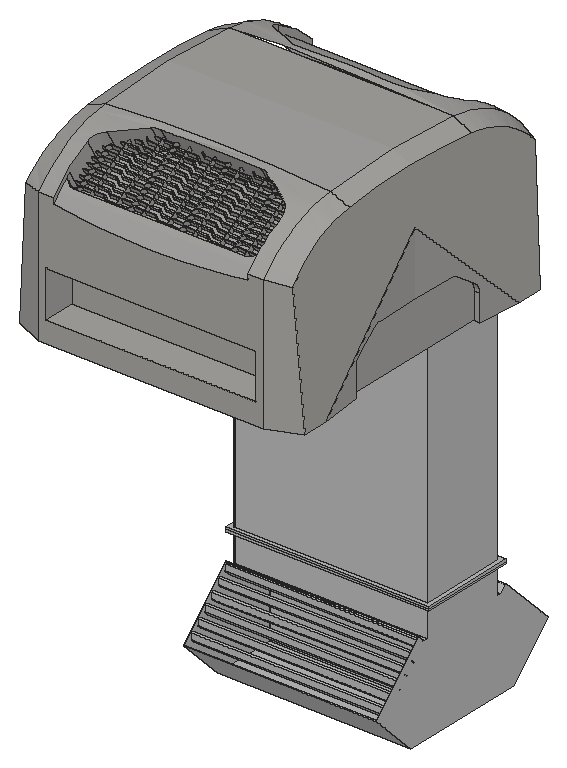
Revit family "OXeN X2-N-1.2-H podstropní_RFA2019", category Mechanical Equipment, host Face, Revit 2019
Family settings
  Host = Face
  Round Connector Dimension = Use Diameter
  Part Type = Normal
  Cut with Voids When Loaded = No
  Shared = No
  Room Calculation Point = No
Parameters (values of type "X2-N-1.2-H")
  Weight of unit = 70.20 kg
  URL = "www.hydronic.cz"
  Type Comments = "podstropní instalace; regulace vzduchového výkonu - spojitá 0-100%; filtr =EU4; IP42; vertikální neizotermický (dt=5K) dosah pro koncovou rychlost 0,2m/s =max.4,5m"
  Thickness of the ceiling [instance] = 370.00 mm
  Product data = ""
  Power supply = 230 V
  Power ratio = 0.98
  Max. current consumption = 1.9 A
  Material = FLOWAIR-EPP-Gray
  Manufacturer = "Hydroic.Systems Prague s.r.o."
  Load classification = Motor
  Keynote = ""
  Distance from the ceiling [instance] = 100.00 mm
  Description = "Bezkanálová větrací jednotka s rekuperací"
  Model = "OXeN X2-N-1.2-H"
  IP = "42"
  Default Elevation = 0.00 mm
  Author = ""
  Assembly Code = "30035; podstropní; bez dohřevu (Qmax=1200m3/h při 100% vzduchovém výkonu a dpext=0Pa) "
  Apparent power = Power supply * Max. current consumption  # 437 VA
  Air flow = 1200 m³/h
Reference planes
  plane 1 "Środek (Przód/Tył)": y = 0
  plane 2: z = 0
  plane 3 "Środek (Lewa/Prawa)": x = 0
  plane 4: z = -370
  plane 5: y = 1127.769
  plane 6: z = 100
  plane 7: z = 20
  plane 8: z = -980
Forms (mm)
  Extrusion 1, void
    sketch origin (0, 0, 0) x (0, 1, 0) y (0, 0, 1)
      loop
        line (1332.769, 0) -> (922.769, 0) -> (922.769, -370) -> (1332.769, -370) -> (1332.769, 0)
    from 422.5 to -422.5
Dimensions and locks
  "Thickness of the ceiling": level to plane 4
  "Distance from the ceiling": plane 6 to level
  locked: plane 6 to plane 7 at 80
  locked: plane 8 to plane 7 at 1000
  aligned and locked: plane 2 to host face
  aligned and locked: level to host face
  aligned and locked: Extrusion 1 sketch curve to level
  aligned and locked: plane 4 to Extrusion 1 sketch curve
  aligned and locked: plane 3 "Środek (Lewa/Prawa)" to nested 2
  aligned and locked: nested 2 to plane 5
  aligned and locked: nested 3 to plane 5
  aligned and locked: plane 3 "Środek (Lewa/Prawa)" to nested 3
  aligned and locked: plane 6 to nested 3
  aligned and locked: nested 2 to plane 7
  aligned and locked: nested 4 to plane 8
  aligned and locked: nested 4 to plane 5
  aligned and locked: plane 3 "Środek (Lewa/Prawa)" to nested 4
Automatic sketch dimensions
  host sketch curve to host sketch curve = 2438.40 mm
  host sketch curve to host sketch curve = 1900.00 mm
  Extrusion 1 sketch curve to plane 1 "Środek (Przód/Tył)" = 922.769 mm
  Extrusion 1 sketch curve to Extrusion 1 sketch curve = 410.00 mm
Nested families
  nested 1: "OXeN" at (0, 0, 100), built-in parameter 1001364 <- "Distance from the ceiling", type "OXeN"
  nested 2: "FLOWAIR OxE-H" at (0, 1127.769, -980), type "OxE-H"
  nested 3: "FLOWAIR OxC2-H" at (0, 1127.769, 20), type "OxC2-H"
  nested 4: "FLOWAIR OxS-H" at (0, 1127.769, -980), type "OxS-H"
Connectors
  electrical at (0, 684.634, 100), driven by "Power supply", driven by "Apparent power", driven by "Power ratio", driven by "Load classification"
    settings: on nested 1, index 8, voltage 230 V, apparent load 437 VA, apparent load phase1 0 VA, apparent load phase2 0 VA, apparent load phase3 0 VA, power factor 0.98, load classification "Motor", number of poles 1, system type 30, power factor state 1, is connector primary yes, connector utility no, sub classification motor no, connector description ""
  electrical at (545, 684.634, 241.254)
    settings: on nested 1, index 9, voltage 0 V, apparent load 0 VA, apparent load phase1 0 VA, apparent load phase2 0 VA, apparent load phase3 0 VA, power factor 1, load classification "Motor", number of poles 1, system type 13, power factor state 1, is connector primary no, connector utility no, sub classification motor no, connector description ""
Definition of nested family "OXeN"
  Parameters
    materiał = none
  Reference planes
    plane 1 "Środek (Przód/Tył)": y = 0
    plane 2: z = 0
    plane 3 "Środek (Lewa/Prawa)": x = 0
    plane 4: y = 684.634
    plane 5: through (0, 340, 716.901) normal (0, -0.5, 0.866)
  Forms (mm)
    Sweep 1, solid, material <- "materiał", detail levels fine
      path origin (0, 0, 0) x (0, 1, 0) y (0, 0, 1)
        loop
          line (1369.269, 0) -> (1369.269, 562.087)
          arc (1369.269, 562.087) -> (1205.496, 690.06) -> (1006.547, 750.205) r 565.368
          arc (1006.547, 750.205) -> (684.634, 767.72) -> (362.722, 750.205) r 2966.958
          arc (362.722, 750.205) -> (163.772, 690.06) -> (0, 562.087) r 565.368
          line (0, 562.087) -> (0, 0)
      profile origin (0, 1369.269, 281.043) x (0, -1, 0) y (1, 0, 0)
        loop
          line (20, -465) -> (159.403, -465) -> (159.403, 465) -> (20, 465)
          arc (20, 465) -> (0, 0) -> (20, -465) r 5415.625
    Sweep 2, solid, material <- "materiał", detail levels fine
      path origin (0, 0, 0) x (0, 1, 0) y (0, 0, 1)
        loop
          line (1369.269, 0) -> (1369.269, 514.96)
          arc (1369.269, 514.96) -> (1207.249, 655.027) -> (1003.292, 720.382) r 535.368
          arc (1003.292, 720.382) -> (684.634, 737.72) -> (365.977, 720.382) r 2936.958
          arc (365.977, 720.382) -> (162.02, 655.027) -> (0, 514.96) r 535.368
          line (0, 514.96) -> (0, 0)
      profile origin (0, 1369.269, 257.48) x (0, -1, 0) y (1, 0, 0)
        loop
          line (20, -465) -> (159.403, -465) -> (159.403, 465) -> (20, 465)
          arc (20, 465) -> (0, 0) -> (20, -465) r 5415.625
    Extrusion 3, void
      sketch origin (0, 0, 0) x (1, 0, 0) y (0, 1, 0)
        loop
          arc (207.827, 1029.269) -> (224.356, 1031.476) -> (239.726, 1037.942) r 63
          line (239.726, 1037.942) -> (367.198, 1112.79)
          arc (367.198, 1112.79) -> (392.866, 1138.741) -> (402.248, 1174.016) r 71
          line (402.248, 1174.016) -> (402.248, 1377.626) -> (-402.248, 1377.626) -> (-402.248, 1174.016)
          arc (-402.248, 1174.016) -> (-392.866, 1138.741) -> (-367.198, 1112.79) r 71
          line (-367.198, 1112.79) -> (-239.726, 1037.942)
          arc (-239.726, 1037.942) -> (-224.356, 1031.476) -> (-207.827, 1029.269) r 63
          line (-207.827, 1029.269) -> (207.827, 1029.269)
      from 490.327 to 774.857
    Extrusion 4, solid, material <- "materiał", detail levels fine
      sketch origin (0, 0, 0) x (0, 1, 0) y (0, 0, 1)
        loop
          arc (1209.866, 455.203) -> (1106.984, 527.552) -> (985.997, 561.92) r 375.966
          arc (985.997, 561.92) -> (684.634, 578.317) -> (383.272, 561.92) r 2777.556
          arc (383.272, 561.92) -> (262.285, 527.552) -> (159.403, 455.203) r 375.966
          line (159.403, 455.203) -> (159.403, 0) -> (1209.866, 0) -> (1209.866, 455.203)
      from -465 to 465
    Blend 5, solid, material <- "materiał", detail levels fine
      base sketch origin (0, 0, 0) x (0, 1, 0) y (0, 0, 1)
        loop
          arc (1004.377, 730.323) -> (684.634, 747.72) -> (364.892, 730.323) r 2946.958
          arc (364.892, 730.323) -> (176.315, 674.021) -> (20, 554.451) r 545.368
          line (20, 554.451) -> (20, 0) -> (1349.269, 0) -> (1349.269, 554.451)
          arc (1349.269, 554.451) -> (1192.954, 674.021) -> (1004.377, 730.323) r 545.368
      top sketch origin (0, 0, 0) x (0, 1, 0) y (0, 0, 1)
        loop
          line (1294.269, 0) -> (1294.269, 532.58)
          arc (1294.269, 532.58) -> (1158.681, 629.636) -> (998.409, 675.647) r 490.368
          arc (998.409, 675.647) -> (684.634, 692.72) -> (370.86, 675.647) r 2891.958
          arc (370.86, 675.647) -> (210.588, 629.636) -> (75, 532.58) r 490.368
          line (75, 532.58) -> (75, 0) -> (1294.269, 0)
      from 465 to 589
    Blend 6, solid, material <- "materiał", detail levels fine
      base sketch origin (0, 0, 0) x (0, 1, 0) y (0, 0, -1)
        loop
          arc (1004.377, -730.323) -> (1192.954, -674.021) -> (1349.269, -554.451) r 545.368
          line (1349.269, -554.451) -> (1349.269, 0) -> (20, 0) -> (20, -554.451)
          arc (20, -554.451) -> (176.315, -674.021) -> (364.892, -730.323) r 545.368
          arc (364.892, -730.323) -> (684.634, -747.72) -> (1004.377, -730.323) r 2946.958
      top sketch origin (0, 0, 0) x (0, 1, 0) y (0, 0, -1)
        loop
          line (1294.269, 0) -> (75, 0) -> (75, -532.58)
          arc (75, -532.58) -> (210.588, -629.636) -> (370.86, -675.647) r 490.368
          arc (370.86, -675.647) -> (684.634, -692.72) -> (998.409, -675.647) r 2891.958
          arc (998.409, -675.647) -> (1158.681, -629.636) -> (1294.269, -532.58) r 490.368
          line (1294.269, -532.58) -> (1294.269, 0)
      from 465 to 589
    Blend 7, solid, material <- "materiał", detail levels medium
      base sketch origin (0, 0, 0) x (0, 1, 0) y (0, 0, -1)
        loop
          arc (1004.377, -730.323) -> (1192.954, -674.021) -> (1349.269, -554.451) r 545.368
          line (1349.269, -554.451) -> (1349.269, 0) -> (20, 0) -> (20, -554.451)
          arc (20, -554.451) -> (176.315, -674.021) -> (364.892, -730.323) r 545.368
          arc (364.892, -730.323) -> (684.634, -747.72) -> (1004.377, -730.323) r 2946.958
      top sketch origin (0, 0, 0) x (0, 1, 0) y (0, 0, -1)
        loop
          line (1294.269, 0) -> (75, 0) -> (75, -532.58)
          arc (75, -532.58) -> (210.588, -629.636) -> (370.86, -675.647) r 490.368
          arc (370.86, -675.647) -> (684.634, -692.72) -> (998.409, -675.647) r 2891.958
          arc (998.409, -675.647) -> (1158.681, -629.636) -> (1294.269, -532.58) r 490.368
          line (1294.269, -532.58) -> (1294.269, 0)
      from 465 to 589
    Blend 8, solid, material <- "materiał", detail levels medium
      base sketch origin (0, 0, 0) x (0, 1, 0) y (0, 0, 1)
        loop
          arc (1004.377, 730.323) -> (684.634, 747.72) -> (364.892, 730.323) r 2946.958
          arc (364.892, 730.323) -> (176.315, 674.021) -> (20, 554.451) r 545.368
          line (20, 554.451) -> (20, 0) -> (1349.269, 0) -> (1349.269, 554.451)
          arc (1349.269, 554.451) -> (1192.954, 674.021) -> (1004.377, 730.323) r 545.368
      top sketch origin (0, 0, 0) x (0, 1, 0) y (0, 0, 1)
        loop
          line (1294.269, 0) -> (1294.269, 532.58)
          arc (1294.269, 532.58) -> (1158.681, 629.636) -> (998.409, 675.647) r 490.368
          arc (998.409, 675.647) -> (684.634, 692.72) -> (370.86, 675.647) r 2891.958
          arc (370.86, 675.647) -> (210.588, 629.636) -> (75, 532.58) r 490.368
          line (75, 532.58) -> (75, 0) -> (1294.269, 0)
      from 465 to 589
    Extrusion 9, void
      sketch origin (0, 0, 0) x (1, 0, 0) y (0, 0, 1)
        loop
          line (-589, 0) -> (-536.635, 775) -> (-589, 775) -> (-589, 0)
      from 0 to -1374.955
    Extrusion 10, void
      sketch origin (0, 0, 0) x (-1, 0, 0) y (0, 0, -1)
        loop
          line (-589, 0) -> (-589, -775) -> (-536.635, -775) -> (-589, 0)
      from 0 to -1374.955
    Extrusion 11, void
      sketch origin (0, 0, 0) x (1, 0, 0) y (0, 1, 0)
        loop
          arc (-589, 183.209) -> (-556, 684.634) -> (-589, 1186.059) r 3826
          line (-589, 1186.059) -> (-589, 183.209)
      from 0 to 801.676
    Extrusion 12, void
      sketch origin (0, 0, 0) x (-1, 0, 0) y (0, -1, 0)
        loop
          line (-589, -183.209) -> (-589, -1186.059)
          arc (-589, -1186.059) -> (-556, -684.634) -> (-589, -183.209) r 3826
      from 0 to 801.676
    Extrusion 13, void
      sketch origin (0, 0, 0) x (0, 1, 0) y (0, 0, 1)
        loop
          line (362.983, 0) -> (1006.285, 0) -> (1006.285, 108.958)
          arc (1006.285, 108.958) -> (999.442, 136.785) -> (980.474, 158.264) r 60
          line (980.474, 158.264) -> (899.838, 214.177)
          arc (899.838, 214.177) -> (883.561, 222.135) -> (865.65, 224.871) r 60
          line (865.65, 224.871) -> (503.619, 224.871)
          arc (503.619, 224.871) -> (485.708, 222.135) -> (469.43, 214.177) r 60
          line (469.43, 214.177) -> (388.795, 158.264)
          arc (388.795, 158.264) -> (369.826, 136.785) -> (362.983, 108.958) r 60
          line (362.983, 108.958) -> (362.983, 0)
      from -589 to -545
    Extrusion 14, void
      sketch origin (0, 0, 0) x (0, 1, 0) y (0, 0, -1)
        loop
          line (362.983, 0) -> (362.983, -108.958)
          arc (362.983, -108.958) -> (369.826, -136.785) -> (388.795, -158.264) r 60
          line (388.795, -158.264) -> (469.43, -214.177)
          arc (469.43, -214.177) -> (485.708, -222.135) -> (503.619, -224.871) r 60
          line (503.619, -224.871) -> (865.65, -224.871)
          arc (865.65, -224.871) -> (883.561, -222.135) -> (899.838, -214.177) r 60
          line (899.838, -214.177) -> (980.474, -158.264)
          arc (980.474, -158.264) -> (999.442, -136.785) -> (1006.285, -108.958) r 60
          line (1006.285, -108.958) -> (1006.285, 0) -> (362.983, 0)
      from -589 to -545
    Sweep 15, solid, material <- "materiał", detail levels medium
      path origin (0, 0, 0) x (0, 1, 0) y (0, 0, 1)
        loop
          line (1369.269, 0) -> (1369.269, 562.087)
          arc (1369.269, 562.087) -> (1205.496, 690.06) -> (1006.547, 750.205) r 565.368
          arc (1006.547, 750.205) -> (684.634, 767.72) -> (362.722, 750.205) r 2966.958
          arc (362.722, 750.205) -> (163.772, 690.06) -> (0, 562.087) r 565.368
          line (0, 562.087) -> (0, 0)
      profile origin (0, 1369.269, 281.043) x (0, -1, 0) y (1, 0, 0)
        loop
          line (20, -465) -> (264.634, -465) -> (264.634, 465) -> (20, 465)
          arc (20, 465) -> (0, 0) -> (20, -465) r 5415.625
    Extrusion 16, solid, material <- "materiał", detail levels medium
      sketch origin (0, 0, 0) x (0, 1, 0) y (0, 0, 1)
        loop
          arc (1104.634, 443.17) -> (1043.718, 472.315) -> (977.834, 487.132) r 300.734
          arc (977.834, 487.132) -> (684.634, 503.085) -> (391.435, 487.132) r 2702.324
          arc (391.435, 487.132) -> (325.551, 472.315) -> (264.634, 443.17) r 300.734
          line (264.634, 443.17) -> (264.634, 0) -> (1104.634, 0) -> (1104.634, 443.17)
      from -465 to 465
    Extrusion 17, solid, material <- "materiał", detail levels coarse
      sketch origin (0, 0, 0) x (0, 1, 0) y (0, 0, 1)
        loop
          line (1369.269, 0) -> (1369.269, 562.087)
          arc (1369.269, 562.087) -> (1205.496, 690.06) -> (1006.547, 750.205) r 565.368
          arc (1006.547, 750.205) -> (684.634, 767.72) -> (362.722, 750.205) r 2966.958
          arc (362.722, 750.205) -> (163.772, 690.06) -> (0, 562.087) r 565.368
          line (0, 562.087) -> (0, 0) -> (1369.269, 0)
      from -589 to 589
    Extrusion 18, void
      sketch origin (0, 0, 0) x (0, 1, 0) y (0, 0, 1)
        loop
          line (-35, 92) -> (150, 92) -> (150, 282) -> (-35, 282) -> (-35, 92)
      from -435 to 435
    Extrusion 19, solid, not visible
      sketch origin (0, 0, 0) x (1, 0, 0) y (0, 1, 0)
        loop
          circle (480, 189) r 8
      from 278 to 376
    Extrusion 20, solid, not visible
      sketch origin (0, 0, 0) x (1, 0, 0) y (0, 1, 0)
        loop
          circle (495, 239) r 8
      from 253 to 376
    Extrusion 21, void
      sketch origin (0, 340, 716.901) x (0, 0.866025, 0.5) y (-1, 0, 0)
        loop
          arc (0, 207.827) -> (-2.207, 224.356) -> (-8.673, 239.726) r 63
          line (-8.673, 239.726) -> (-83.521, 367.198)
          arc (-83.521, 367.198) -> (-109.472, 392.866) -> (-144.747, 402.248) r 71
          line (-144.747, 402.248) -> (-261.299, 402.248)
          arc (-261.299, 402.248) -> (-276.188, 399.025) -> (-288.411, 389.933) r 36
          line (-288.411, 389.933) -> (-300.148, 376.497)
          arc (-300.148, 376.497) -> (-305.31, 368.081) -> (-307.168, 358.385) r 27.506
          line (-307.168, 358.385) -> (-307.168, -358.385)
          arc (-307.168, -358.385) -> (-305.31, -368.081) -> (-300.148, -376.497) r 27.506
          line (-300.148, -376.497) -> (-288.411, -389.933)
          arc (-288.411, -389.933) -> (-276.188, -399.025) -> (-261.299, -402.248) r 36
          line (-261.299, -402.248) -> (-144.747, -402.248)
          arc (-144.747, -402.248) -> (-109.472, -392.866) -> (-83.521, -367.198) r 71
          line (-83.521, -367.198) -> (-8.673, -239.726)
          arc (-8.673, -239.726) -> (-2.207, -224.356) -> (0, -207.827) r 63
          line (0, -207.827) -> (0, 207.827)
      from -100 to 100
    Extrusion 22, solid, material <- "materiał", detail levels fine
      sketch origin (0, 340, 716.901) x (0, 0.866025, 0.5) y (-1, 0, 0)
        loop
          line (-236.262, -383.565) -> (-236.262, -402.248) -> (-233.262, -402.248) -> (-233.262, -384.96) -> (-218.262, -369.97) -> (-218.262, -324.043) -> (-196.262, -324.043) -> (-196.262, -368.757) -> (-211.262, -383.565) -> (-211.262, -402.248) -> (-208.262, -402.248) -> (-208.262, -384.96) -> (-193.262, -369.97) -> (-193.262, -324.043) -> (-171.262, -324.043) -> (-171.262, -368.757) -> (-186.262, -383.565) -> (-186.262, -402.248) -> (-183.262, -402.248) -> (-183.262, -384.96) -> (-168.262, -369.97) -> (-168.262, -324.043) -> (-146.262, -324.043) -> (-146.262, -368.757) -> (-161.262, -383.565) -> (-161.262, -402.248) -> (-158.262, -402.248) -> (-158.262, -384.96) -> (-143.262, -369.97) -> (-143.262, -324.043) -> (-121.262, -324.043) -> (-121.262, -368.757) -> (-136.262, -383.565) -> (-136.262, -401.74)
          arc (-136.262, -401.74) -> (-134.76, -401.542) -> (-133.262, -401.313) r 71
          line (-133.262, -401.313) -> (-133.262, -384.96) -> (-118.262, -369.97) -> (-118.262, -324.043) -> (-96.262, -324.043) -> (-96.262, -368.757) -> (-111.262, -383.565) -> (-111.262, -393.856)
          arc (-111.262, -393.856) -> (-109.752, -393.025) -> (-108.262, -392.157) r 71
          line (-108.262, -392.157) -> (-108.262, -384.96) -> (-93.262, -369.97) -> (-93.262, -324.043) -> (-71.262, -324.043) -> (-71.262, -346.32) -> (-68.262, -341.211) -> (-68.262, -324.043) -> (-58.182, -324.043) -> (-57.007, -322.043) -> (-68.262, -322.043) -> (-68.262, -276.117) -> (-83.262, -261.127) -> (-83.262, -217.918) -> (-61.262, -217.918) -> (-61.262, -262.522) -> (-46.262, -277.33) -> (-46.262, -303.743) -> (-43.262, -298.634) -> (-43.262, -276.117) -> (-58.262, -261.127) -> (-58.262, -217.918) -> (-36.262, -217.918) -> (-36.262, -262.522) -> (-27.27, -271.398) -> (-25.685, -268.699) -> (-33.262, -261.127) -> (-33.262, -217.918) -> (-11.262, -217.918) -> (-11.262, -244.135) -> (-8.262, -239.026) -> (-8.262, -217.918) -> (-0.814, -217.918)
          arc (-0.814, -217.918) -> (-0.561, -216.209) -> (-0.354, -214.493) r 63
          line (-0.354, -214.493) -> (-8.262, -214.493) -> (-8.262, -171.284) -> (0, -163.028) -> (0, -158.771) -> (-11.262, -169.889) -> (-11.262, -214.493) -> (-33.262, -214.493) -> (-33.262, -171.284) -> (-18.262, -156.294) -> (-18.262, -110.368) -> (0, -110.368) -> (0, -108.368) -> (-18.262, -108.368) -> (-18.262, -62.441) -> (-33.262, -47.451) -> (-33.262, -1.625) -> (-11.262, -1.625) -> (-11.262, -48.846) -> (0, -59.964) -> (0, -55.708) -> (-8.262, -47.451) -> (-8.262, -1.625) -> (0, -1.625) -> (0, 1.625) -> (-8.262, 1.625) -> (-8.262, 42.216) -> (0, 50.473) -> (0, 54.729) -> (-11.262, 43.612) -> (-11.262, 1.625) -> (-33.262, 1.625) -> (-33.262, 42.216) -> (-18.262, 57.206) -> (-18.262, 103.133) -> (0, 103.133) -> (0, 105.133) -> (-18.262, 105.133) -> (-18.262, 151.06) -> (-33.262, 166.05) -> (-33.262, 209.258) -> (-11.262, 209.258) -> (-11.262, 164.654) -> (0, 153.537) -> (0, 157.793) -> (-8.262, 166.05) -> (-8.262, 209.258) -> (-0.017, 209.258)
          arc (-0.017, 209.258) -> (-0.075, 210.884) -> (-0.175, 212.509) r 63
          line (-0.175, 212.509) -> (-8.262, 212.509) -> (-8.262, 239.026) -> (-11.262, 244.135) -> (-11.262, 212.509) -> (-33.262, 212.509) -> (-33.262, 255.717) -> (-23.683, 265.29) -> (-25.26, 267.974) -> (-36.262, 257.112) -> (-36.262, 212.509) -> (-58.262, 212.509) -> (-58.262, 255.717) -> (-43.262, 270.707) -> (-43.262, 298.634) -> (-46.262, 303.743) -> (-46.262, 271.92) -> (-61.262, 257.112) -> (-61.262, 212.509) -> (-83.262, 212.509) -> (-83.262, 255.717) -> (-68.262, 270.707) -> (-68.262, 316.634) -> (-53.831, 316.634) -> (-55.005, 318.634) -> (-68.262, 318.634) -> (-68.262, 341.211) -> (-71.262, 346.32) -> (-71.262, 318.634) -> (-93.262, 318.634) -> (-93.262, 364.56) -> (-108.262, 379.55) -> (-108.262, 392.157)
          arc (-108.262, 392.157) -> (-109.752, 393.025) -> (-111.262, 393.856) r 71
          line (-111.262, 393.856) -> (-111.262, 378.155) -> (-96.262, 363.348) -> (-96.262, 318.634) -> (-118.262, 318.634) -> (-118.262, 364.56) -> (-133.262, 379.55) -> (-133.262, 401.313)
          arc (-133.262, 401.313) -> (-134.76, 401.542) -> (-136.262, 401.74) r 71
          line (-136.262, 401.74) -> (-136.262, 378.155) -> (-121.262, 363.348) -> (-121.262, 318.634) -> (-143.262, 318.634) -> (-143.262, 364.56) -> (-158.262, 379.55) -> (-158.262, 402.248) -> (-161.262, 402.248) -> (-161.262, 378.155) -> (-146.262, 363.348) -> (-146.262, 318.634) -> (-168.262, 318.634) -> (-168.262, 364.56) -> (-183.262, 379.55) -> (-183.262, 402.248) -> (-186.262, 402.248) -> (-186.262, 378.155) -> (-171.262, 363.348) -> (-171.262, 318.634) -> (-193.262, 318.634) -> (-193.262, 364.56) -> (-208.262, 379.55) -> (-208.262, 402.248) -> (-211.262, 402.248) -> (-211.262, 378.155) -> (-196.262, 363.348) -> (-196.262, 318.634) -> (-218.262, 318.634) -> (-218.262, 364.56) -> (-233.262, 379.55) -> (-233.262, 402.248) -> (-236.262, 402.248) -> (-236.262, 378.155) -> (-221.262, 363.348) -> (-221.262, 318.634) -> (-243.262, 318.634) -> (-243.262, 364.56) -> (-258.262, 379.55) -> (-258.262, 402.248) -> (-261.262, 402.248) -> (-261.262, 378.155) -> (-246.262, 363.348) -> (-246.262, 318.634) -> (-268.262, 318.634) -> (-268.262, 364.56) -> (-283.262, 379.55) -> (-283.262, 394.772)
          arc (-283.262, 394.772) -> (-284.798, 393.521) -> (-286.262, 392.187) r 36
          line (-286.262, 392.187) -> (-286.262, 378.155) -> (-271.262, 363.348) -> (-271.262, 318.634) -> (-293.262, 318.634) -> (-293.262, 364.56) -> (-302.371, 373.663)
          arc (-302.371, 373.663) -> (-303.219, 372.343) -> (-303.99, 370.977) r 27.506
          line (-303.99, 370.977) -> (-296.262, 363.348) -> (-296.262, 318.634) -> (-307.168, 318.634) -> (-307.168, 316.634) -> (-296.262, 316.634) -> (-296.262, 271.92) -> (-307.168, 261.154) -> (-307.168, 256.811) -> (-293.262, 270.707) -> (-293.262, 316.634) -> (-271.262, 316.634) -> (-271.262, 271.92) -> (-286.262, 257.112) -> (-286.262, 212.509) -> (-307.168, 212.509) -> (-307.168, 209.258) -> (-286.262, 209.258) -> (-286.262, 164.654) -> (-271.262, 149.847) -> (-271.262, 105.133) -> (-293.262, 105.133) -> (-293.262, 151.06) -> (-307.168, 164.956) -> (-307.168, 160.613) -> (-296.262, 149.847) -> (-296.262, 105.133) -> (-307.168, 105.133) -> (-307.168, 103.133) -> (-296.262, 103.133) -> (-296.262, 58.419) -> (-307.168, 47.653) -> (-307.168, 43.31) -> (-293.262, 57.206) -> (-293.262, 103.133) -> (-271.262, 103.133) -> (-271.262, 58.419) -> (-286.262, 43.612) -> (-286.262, 1.625) -> (-307.168, 1.625) -> (-307.168, -1.625) -> (-286.262, -1.625) -> (-286.262, -48.846) -> (-271.262, -63.654) -> (-271.262, -108.368) -> (-293.262, -108.368) -> (-293.262, -62.441) -> (-307.168, -48.545) -> (-307.168, -52.888) -> (-296.262, -63.654) -> (-296.262, -108.368) -> (-307.168, -108.368) -> (-307.168, -110.368) -> (-296.262, -110.368) -> (-296.262, -155.082) -> (-307.168, -165.847) -> (-307.168, -170.191) -> (-293.262, -156.294) -> (-293.262, -110.368) -> (-271.262, -110.368) -> (-271.262, -155.082) -> (-286.262, -169.889) -> (-286.262, -214.493) -> (-307.168, -214.493) -> (-307.168, -217.918) -> (-286.262, -217.918) -> (-286.262, -262.522) -> (-271.262, -277.33) -> (-271.262, -322.043) -> (-293.262, -322.043) -> (-293.262, -276.117) -> (-307.168, -262.22) -> (-307.168, -266.564) -> (-296.262, -277.33) -> (-296.262, -322.043) -> (-307.168, -322.043) -> (-307.168, -324.043) -> (-296.262, -324.043) -> (-296.262, -368.757) -> (-301.903, -374.326)
          arc (-301.903, -374.326) -> (-300.974, -375.531) -> (-299.98, -376.683) r 27.506
          line (-299.98, -376.683) -> (-293.262, -369.97) -> (-293.262, -324.043) -> (-271.262, -324.043) -> (-271.262, -368.757) -> (-286.262, -383.565) -> (-286.262, -392.187)
          arc (-286.262, -392.187) -> (-284.798, -393.521) -> (-283.262, -394.772) r 36
          line (-283.262, -394.772) -> (-283.262, -384.96) -> (-268.262, -369.97) -> (-268.262, -324.043) -> (-246.262, -324.043) -> (-246.262, -368.757) -> (-261.262, -383.565) -> (-261.262, -402.248) -> (-258.262, -402.248) -> (-258.262, -384.96) -> (-243.262, -369.97) -> (-243.262, -324.043) -> (-221.262, -324.043) -> (-221.262, -368.757) -> (-236.262, -383.565)
        loop
          line (-221.262, -322.043) -> (-221.262, -277.33) -> (-236.262, -262.522) -> (-236.262, -217.918) -> (-258.262, -217.918) -> (-258.262, -261.127) -> (-243.262, -276.117) -> (-243.262, -322.043) -> (-221.262, -322.043)
        loop
          line (-233.262, -217.918) -> (-233.262, -261.127) -> (-218.262, -276.117) -> (-218.262, -322.043) -> (-196.262, -322.043) -> (-196.262, -277.33) -> (-211.262, -262.522) -> (-211.262, -217.918) -> (-233.262, -217.918)
        loop
          line (-236.262, -169.889) -> (-221.262, -155.082) -> (-221.262, -110.368) -> (-243.262, -110.368) -> (-243.262, -156.294) -> (-258.262, -171.284) -> (-258.262, -214.493) -> (-236.262, -214.493) -> (-236.262, -169.889)
        loop
          line (-218.262, -110.368) -> (-218.262, -156.294) -> (-233.262, -171.284) -> (-233.262, -214.493) -> (-211.262, -214.493) -> (-211.262, -169.889) -> (-196.262, -155.082) -> (-196.262, -110.368) -> (-218.262, -110.368)
        loop
          line (-221.262, -108.368) -> (-221.262, -63.654) -> (-236.262, -48.846) -> (-236.262, -1.625) -> (-258.262, -1.625) -> (-258.262, -47.451) -> (-243.262, -62.441) -> (-243.262, -108.368) -> (-221.262, -108.368)
        loop
          line (-233.262, -1.625) -> (-233.262, -47.451) -> (-218.262, -62.441) -> (-218.262, -108.368) -> (-196.262, -108.368) -> (-196.262, -63.654) -> (-211.262, -48.846) -> (-211.262, -1.625) -> (-233.262, -1.625)
        loop
          line (-236.262, 43.612) -> (-221.262, 58.419) -> (-221.262, 103.133) -> (-243.262, 103.133) -> (-243.262, 57.206) -> (-258.262, 42.216) -> (-258.262, 1.625) -> (-236.262, 1.625) -> (-236.262, 43.612)
        loop
          line (-218.262, 103.133) -> (-218.262, 57.206) -> (-233.262, 42.216) -> (-233.262, 1.625) -> (-211.262, 1.625) -> (-211.262, 43.612) -> (-196.262, 58.419) -> (-196.262, 103.133) -> (-218.262, 103.133)
        loop
          line (-221.262, 105.133) -> (-221.262, 149.847) -> (-236.262, 164.654) -> (-236.262, 209.258) -> (-258.262, 209.258) -> (-258.262, 166.05) -> (-243.262, 151.06) -> (-243.262, 105.133) -> (-221.262, 105.133)
        loop
          line (-233.262, 209.258) -> (-233.262, 166.05) -> (-218.262, 151.06) -> (-218.262, 105.133) -> (-196.262, 105.133) -> (-196.262, 149.847) -> (-211.262, 164.654) -> (-211.262, 209.258) -> (-233.262, 209.258)
        loop
          line (-236.262, 257.112) -> (-221.262, 271.92) -> (-221.262, 316.634) -> (-243.262, 316.634) -> (-243.262, 270.707) -> (-258.262, 255.717) -> (-258.262, 212.509) -> (-236.262, 212.509) -> (-236.262, 257.112)
        loop
          line (-218.262, 316.634) -> (-218.262, 270.707) -> (-233.262, 255.717) -> (-233.262, 212.509) -> (-211.262, 212.509) -> (-211.262, 257.112) -> (-196.262, 271.92) -> (-196.262, 316.634) -> (-218.262, 316.634)
        loop
          line (-246.262, -322.043) -> (-246.262, -277.33) -> (-261.262, -262.522) -> (-261.262, -217.918) -> (-283.262, -217.918) -> (-283.262, -261.127) -> (-268.262, -276.117) -> (-268.262, -322.043) -> (-246.262, -322.043)
        loop
          line (-261.262, -169.889) -> (-246.262, -155.082) -> (-246.262, -110.368) -> (-268.262, -110.368) -> (-268.262, -156.294) -> (-283.262, -171.284) -> (-283.262, -214.493) -> (-261.262, -214.493) -> (-261.262, -169.889)
        loop
          line (-246.262, -108.368) -> (-246.262, -63.654) -> (-261.262, -48.846) -> (-261.262, -1.625) -> (-283.262, -1.625) -> (-283.262, -47.451) -> (-268.262, -62.441) -> (-268.262, -108.368) -> (-246.262, -108.368)
        loop
          line (-261.262, 43.612) -> (-246.262, 58.419) -> (-246.262, 103.133) -> (-268.262, 103.133) -> (-268.262, 57.206) -> (-283.262, 42.216) -> (-283.262, 1.625) -> (-261.262, 1.625) -> (-261.262, 43.612)
        loop
          line (-246.262, 105.133) -> (-246.262, 149.847) -> (-261.262, 164.654) -> (-261.262, 209.258) -> (-283.262, 209.258) -> (-283.262, 166.05) -> (-268.262, 151.06) -> (-268.262, 105.133) -> (-246.262, 105.133)
        loop
          line (-261.262, 257.112) -> (-246.262, 271.92) -> (-246.262, 316.634) -> (-268.262, 316.634) -> (-268.262, 270.707) -> (-283.262, 255.717) -> (-283.262, 212.509) -> (-261.262, 212.509) -> (-261.262, 257.112)
        loop
          line (-208.262, -217.918) -> (-208.262, -261.127) -> (-193.262, -276.117) -> (-193.262, -322.043) -> (-171.262, -322.043) -> (-171.262, -277.33) -> (-186.262, -262.522) -> (-186.262, -217.918) -> (-208.262, -217.918)
        loop
          line (-193.262, -110.368) -> (-193.262, -156.294) -> (-208.262, -171.284) -> (-208.262, -214.493) -> (-186.262, -214.493) -> (-186.262, -169.889) -> (-171.262, -155.082) -> (-171.262, -110.368) -> (-193.262, -110.368)
        loop
          line (-208.262, -1.625) -> (-208.262, -47.451) -> (-193.262, -62.441) -> (-193.262, -108.368) -> (-171.262, -108.368) -> (-171.262, -63.654) -> (-186.262, -48.846) -> (-186.262, -1.625) -> (-208.262, -1.625)
        loop
          line (-193.262, 103.133) -> (-193.262, 57.206) -> (-208.262, 42.216) -> (-208.262, 1.625) -> (-186.262, 1.625) -> (-186.262, 43.612) -> (-171.262, 58.419) -> (-171.262, 103.133) -> (-193.262, 103.133)
        loop
          line (-208.262, 209.258) -> (-208.262, 166.05) -> (-193.262, 151.06) -> (-193.262, 105.133) -> (-171.262, 105.133) -> (-171.262, 149.847) -> (-186.262, 164.654) -> (-186.262, 209.258) -> (-208.262, 209.258)
        loop
          line (-193.262, 316.634) -> (-193.262, 270.707) -> (-208.262, 255.717) -> (-208.262, 212.509) -> (-186.262, 212.509) -> (-186.262, 257.112) -> (-171.262, 271.92) -> (-171.262, 316.634) -> (-193.262, 316.634)
        loop
          line (-183.262, -217.918) -> (-183.262, -261.127) -> (-168.262, -276.117) -> (-168.262, -322.043) -> (-146.262, -322.043) -> (-146.262, -277.33) -> (-161.262, -262.522) -> (-161.262, -217.918) -> (-183.262, -217.918)
        loop
          line (-168.262, -110.368) -> (-168.262, -156.294) -> (-183.262, -171.284) -> (-183.262, -214.493) -> (-161.262, -214.493) -> (-161.262, -169.889) -> (-146.262, -155.082) -> (-146.262, -110.368) -> (-168.262, -110.368)
        loop
          line (-183.262, -1.625) -> (-183.262, -47.451) -> (-168.262, -62.441) -> (-168.262, -108.368) -> (-146.262, -108.368) -> (-146.262, -63.654) -> (-161.262, -48.846) -> (-161.262, -1.625) -> (-183.262, -1.625)
        loop
          line (-168.262, 103.133) -> (-168.262, 57.206) -> (-183.262, 42.216) -> (-183.262, 1.625) -> (-161.262, 1.625) -> (-161.262, 43.612) -> (-146.262, 58.419) -> (-146.262, 103.133) -> (-168.262, 103.133)
        loop
          line (-183.262, 209.258) -> (-183.262, 166.05) -> (-168.262, 151.06) -> (-168.262, 105.133) -> (-146.262, 105.133) -> (-146.262, 149.847) -> (-161.262, 164.654) -> (-161.262, 209.258) -> (-183.262, 209.258)
        loop
          line (-168.262, 316.634) -> (-168.262, 270.707) -> (-183.262, 255.717) -> (-183.262, 212.509) -> (-161.262, 212.509) -> (-161.262, 257.112) -> (-146.262, 271.92) -> (-146.262, 316.634) -> (-168.262, 316.634)
        loop
          line (-158.262, -217.918) -> (-158.262, -261.127) -> (-143.262, -276.117) -> (-143.262, -322.043) -> (-121.262, -322.043) -> (-121.262, -277.33) -> (-136.262, -262.522) -> (-136.262, -217.918) -> (-158.262, -217.918)
        loop
          line (-143.262, -110.368) -> (-143.262, -156.294) -> (-158.262, -171.284) -> (-158.262, -214.493) -> (-136.262, -214.493) -> (-136.262, -169.889) -> (-121.262, -155.082) -> (-121.262, -110.368) -> (-143.262, -110.368)
        loop
          line (-158.262, -1.625) -> (-158.262, -47.451) -> (-143.262, -62.441) -> (-143.262, -108.368) -> (-121.262, -108.368) -> (-121.262, -63.654) -> (-136.262, -48.846) -> (-136.262, -1.625) -> (-158.262, -1.625)
        loop
          line (-143.262, 103.133) -> (-143.262, 57.206) -> (-158.262, 42.216) -> (-158.262, 1.625) -> (-136.262, 1.625) -> (-136.262, 43.612) -> (-121.262, 58.419) -> (-121.262, 103.133) -> (-143.262, 103.133)
        loop
          line (-158.262, 209.258) -> (-158.262, 166.05) -> (-143.262, 151.06) -> (-143.262, 105.133) -> (-121.262, 105.133) -> (-121.262, 149.847) -> (-136.262, 164.654) -> (-136.262, 209.258) -> (-158.262, 209.258)
        loop
          line (-143.262, 316.634) -> (-143.262, 270.707) -> (-158.262, 255.717) -> (-158.262, 212.509) -> (-136.262, 212.509) -> (-136.262, 257.112) -> (-121.262, 271.92) -> (-121.262, 316.634) -> (-143.262, 316.634)
        loop
          line (-133.262, -217.918) -> (-133.262, -261.127) -> (-118.262, -276.117) -> (-118.262, -322.043) -> (-96.262, -322.043) -> (-96.262, -277.33) -> (-111.262, -262.522) -> (-111.262, -217.918) -> (-133.262, -217.918)
        loop
          line (-118.262, -110.368) -> (-118.262, -156.294) -> (-133.262, -171.284) -> (-133.262, -214.493) -> (-111.262, -214.493) -> (-111.262, -169.889) -> (-96.262, -155.082) -> (-96.262, -110.368) -> (-118.262, -110.368)
        loop
          line (-133.262, -1.625) -> (-133.262, -47.451) -> (-118.262, -62.441) -> (-118.262, -108.368) -> (-96.262, -108.368) -> (-96.262, -63.654) -> (-111.262, -48.846) -> (-111.262, -1.625) -> (-133.262, -1.625)
        loop
          line (-118.262, 103.133) -> (-118.262, 57.206) -> (-133.262, 42.216) -> (-133.262, 1.625) -> (-111.262, 1.625) -> (-111.262, 43.612) -> (-96.262, 58.419) -> (-96.262, 103.133) -> (-118.262, 103.133)
        loop
          line (-133.262, 209.258) -> (-133.262, 166.05) -> (-118.262, 151.06) -> (-118.262, 105.133) -> (-96.262, 105.133) -> (-96.262, 149.847) -> (-111.262, 164.654) -> (-111.262, 209.258) -> (-133.262, 209.258)
        loop
          line (-118.262, 316.634) -> (-118.262, 270.707) -> (-133.262, 255.717) -> (-133.262, 212.509) -> (-111.262, 212.509) -> (-111.262, 257.112) -> (-96.262, 271.92) -> (-96.262, 316.634) -> (-118.262, 316.634)
        loop
          line (-108.262, -217.918) -> (-108.262, -261.127) -> (-93.262, -276.117) -> (-93.262, -322.043) -> (-71.262, -322.043) -> (-71.262, -277.33) -> (-86.262, -262.522) -> (-86.262, -217.918) -> (-108.262, -217.918)
        loop
          line (-93.262, -110.368) -> (-93.262, -156.294) -> (-108.262, -171.284) -> (-108.262, -214.493) -> (-86.262, -214.493) -> (-86.262, -169.889) -> (-71.262, -155.082) -> (-71.262, -110.368) -> (-93.262, -110.368)
        loop
          line (-108.262, -1.625) -> (-108.262, -47.451) -> (-93.262, -62.441) -> (-93.262, -108.368) -> (-71.262, -108.368) -> (-71.262, -63.654) -> (-86.262, -48.846) -> (-86.262, -1.625) -> (-108.262, -1.625)
        loop
          line (-93.262, 103.133) -> (-93.262, 57.206) -> (-108.262, 42.216) -> (-108.262, 1.625) -> (-86.262, 1.625) -> (-86.262, 43.612) -> (-71.262, 58.419) -> (-71.262, 103.133) -> (-93.262, 103.133)
        loop
          line (-108.262, 209.258) -> (-108.262, 166.05) -> (-93.262, 151.06) -> (-93.262, 105.133) -> (-71.262, 105.133) -> (-71.262, 149.847) -> (-86.262, 164.654) -> (-86.262, 209.258) -> (-108.262, 209.258)
        loop
          line (-93.262, 316.634) -> (-93.262, 270.707) -> (-108.262, 255.717) -> (-108.262, 212.509) -> (-86.262, 212.509) -> (-86.262, 257.112) -> (-71.262, 271.92) -> (-71.262, 316.634) -> (-93.262, 316.634)
        loop
          line (-68.262, -110.368) -> (-68.262, -156.294) -> (-83.262, -171.284) -> (-83.262, -214.493) -> (-61.262, -214.493) -> (-61.262, -169.889) -> (-46.262, -155.082) -> (-46.262, -110.368) -> (-68.262, -110.368)
        loop
          line (-83.262, -1.625) -> (-83.262, -47.451) -> (-68.262, -62.441) -> (-68.262, -108.368) -> (-46.262, -108.368) -> (-46.262, -63.654) -> (-61.262, -48.846) -> (-61.262, -1.625) -> (-83.262, -1.625)
        loop
          line (-68.262, 103.133) -> (-68.262, 57.206) -> (-83.262, 42.216) -> (-83.262, 1.625) -> (-61.262, 1.625) -> (-61.262, 43.612) -> (-46.262, 58.419) -> (-46.262, 103.133) -> (-68.262, 103.133)
        loop
          line (-83.262, 209.258) -> (-83.262, 166.05) -> (-68.262, 151.06) -> (-68.262, 105.133) -> (-46.262, 105.133) -> (-46.262, 149.847) -> (-61.262, 164.654) -> (-61.262, 209.258) -> (-83.262, 209.258)
        loop
          line (-43.262, -110.368) -> (-43.262, -156.294) -> (-58.262, -171.284) -> (-58.262, -214.493) -> (-36.262, -214.493) -> (-36.262, -169.889) -> (-21.262, -155.082) -> (-21.262, -110.368) -> (-43.262, -110.368)
        loop
          line (-58.262, -1.625) -> (-58.262, -47.451) -> (-43.262, -62.441) -> (-43.262, -108.368) -> (-21.262, -108.368) -> (-21.262, -63.654) -> (-36.262, -48.846) -> (-36.262, -1.625) -> (-58.262, -1.625)
        loop
          line (-43.262, 103.133) -> (-43.262, 57.206) -> (-58.262, 42.216) -> (-58.262, 1.625) -> (-36.262, 1.625) -> (-36.262, 43.612) -> (-21.262, 58.419) -> (-21.262, 103.133) -> (-43.262, 103.133)
        loop
          line (-58.262, 209.258) -> (-58.262, 166.05) -> (-43.262, 151.06) -> (-43.262, 105.133) -> (-21.262, 105.133) -> (-21.262, 149.847) -> (-36.262, 164.654) -> (-36.262, 209.258) -> (-58.262, 209.258)
      from -35 to -15
    Extrusion 23, void
      sketch origin (0, 0, 0) x (0, 1, 0) y (0, 0, 1)
        loop
          line (153.272, 650.008) -> (153.272, 795.382) -> (0, 795.382) -> (0, 514.96)
          arc (0, 514.96) -> (70.135, 589.862) -> (153.272, 650.008) r 535.368
      from -402.248 to 402.248
  Cuts and joins
    Extrusion 10, Extrusion 12, Extrusion 14 cuts Blend 7
    Extrusion 3, Extrusion 18, Extrusion 21, Extrusion 23 cuts Sweep 1
    Extrusion 18, Extrusion 21 cuts Sweep 2
    Extrusion 18, Extrusion 21 cuts Extrusion 4
    Extrusion 10, Extrusion 12, Extrusion 14, Extrusion 18, Extrusion 21 cuts Blend 5
    Extrusion 9, Extrusion 10, Extrusion 11, Extrusion 12, Extrusion 13, Extrusion 14, Extrusion 18, Extrusion 21 cuts Blend 6
    joined: Sweep 1, Sweep 2, Extrusion 4, Blend 5, Blend 6
    joined: Sweep 15, Extrusion 16
  Dimensions and locks
    aligned and locked: level to plane 2
Definition of nested family "FLOWAIR OxE-H"
  Parameters (values of type "OxE-H")
    Weight = 19.00 kg
    URL = "www.flowair.com"
    Material = none
    Manufacturer = "FLOWAIR"
    Height = 1000.00 mm  # constant formula
    Description = "Extension duct"
    Model = "OxE-H"
    Author = "www.archispace.com"
  Reference planes
    plane 1 "Środek (Przód/Tył)": y = 0
    plane 2: z = 0
    plane 3 "Środek (Lewa/Prawa)": x = 0
    plane 4: z = 1000
  Forms (mm)
    Extrusion 1, solid, material <- "Material", detail levels fine
      sketch origin (0, 0, 0) x (1, 0, 0) y (0, 1, 0)
        loop
          line (-400, -180) -> (400, -180) -> (400, 180) -> (-400, 180) -> (-400, -180)
        loop
          line (-398, -1) -> (-398, -178) -> (398, -178) -> (398, -1) -> (-398, -1)
        loop
          line (398, 178) -> (-398, 178) -> (-398, 1) -> (398, 1) -> (398, 178)
      from 0 to 1000
    Extrusion 2, solid, material <- "Material", detail levels coarse+medium
      sketch origin (0, 0, 0) x (1, 0, 0) y (0, 1, 0)
        loop
          line (420, 200) -> (-420, 200) -> (-420, -200) -> (420, -200) -> (420, 200)
      from 0 to 1000
    Extrusion 3, solid, material <- "Material", detail levels fine
      sketch origin (0, 0, 0) x (1, 0, 0) y (0, 1, 0)
        loop
          line (-420, -200) -> (420, -200) -> (420, 200) -> (-420, 200) -> (-420, -200)
        loop
          line (400, 180) -> (-400, 180) -> (-400, -180) -> (400, -180) -> (400, 180)
      from 0 to 8
    Extrusion 4, solid, material <- "Material", detail levels fine
      sketch origin (-916.715, -1524, 1000) x (-1, 0, 0) y (0, -1, 0)
        loop
          line (-496.715, -1324) -> (-1336.715, -1324) -> (-1336.715, -1724) -> (-496.715, -1724) -> (-496.715, -1324)
        loop
          line (-1316.715, -1704) -> (-516.715, -1704) -> (-516.715, -1344) -> (-1316.715, -1344) -> (-1316.715, -1704)
      from 0 to -8
  Cuts and joins
    joined: Extrusion 1, Extrusion 3, Extrusion 4
  Dimensions and locks
    "Height": plane 4 to level
    aligned and locked: level to plane 2
    aligned and locked: plane 4 to Extrusion 2
    aligned and locked: plane 4 to Extrusion 1
  Automatic sketch dimensions
    Extrusion 1 sketch curve to plane 1 "Środek (Przód/Tył)" = 180.00 mm
    Extrusion 1 sketch curve to plane 3 "Środek (Lewa/Prawa)" = 400.00 mm
    Extrusion 1 sketch curve to plane 1 "Środek (Przód/Tył)" = 1.00 mm
    Extrusion 1 sketch curve to Extrusion 1 sketch curve = 2.00 mm  (x4)
    plane 1 "Środek (Przód/Tył)" to Extrusion 1 sketch curve = 1.00 mm
    Extrusion 1 sketch curve to Extrusion 1 sketch curve = 0.00 mm  (x2)
    plane 3 "Środek (Lewa/Prawa)" to Extrusion 1 sketch curve = 398.00 mm
    Extrusion 1 sketch curve to Extrusion 1 sketch curve = 177.00 mm
    plane 1 "Środek (Przód/Tył)" to Extrusion 2 sketch curve = 200.00 mm
    Extrusion 2 sketch curve to plane 3 "Środek (Lewa/Prawa)" = 420.00 mm
    plane 3 "Środek (Lewa/Prawa)" to Extrusion 2 sketch curve = 420.00 mm
    Extrusion 2 sketch curve to plane 1 "Środek (Przód/Tył)" = 200.00 mm
    Extrusion 3 sketch curve to plane 1 "Środek (Przód/Tył)" = 200.00 mm
    Extrusion 3 sketch curve to plane 3 "Środek (Lewa/Prawa)" = 420.00 mm
    Extrusion 3 sketch curve to Extrusion 3 sketch curve = 20.00 mm  (x4)
    plane 1 "Środek (Przód/Tył)" to Extrusion 3 sketch curve = 180.00 mm
    plane 3 "Środek (Lewa/Prawa)" to Extrusion 3 sketch curve = 400.00 mm
    plane 1 "Środek (Przód/Tył)" to Extrusion 4 sketch curve = 200.00 mm
    plane 3 "Środek (Lewa/Prawa)" to Extrusion 4 sketch curve = 420.00 mm
    Extrusion 4 sketch curve to Extrusion 4 sketch curve = 20.00 mm  (x4)
    Extrusion 4 sketch curve to plane 1 "Środek (Przód/Tył)" = 180.00 mm
    Extrusion 4 sketch curve to plane 3 "Środek (Lewa/Prawa)" = 400.00 mm
Definition of nested family "FLOWAIR OxC2-H"
  Parameters (values of type "OxC2-H")
    Weight = 3.50 kg
    URL = "www.flowair.com"
    Material = none
    Manufacturer = "FLOWAIR"
    Height = 100.00 mm  # constant formula
    Description = "Adapter"
    Model = "OxC2-H"
    Author = "www.archispace.com"
  Reference planes
    plane 1 "Środek (Przód/Tył)": y = 0
    plane 2: z = 0
    plane 3 "Środek (Lewa/Prawa)": x = 0
    plane 4: z = 100
    plane 5: z = 80
  Forms (mm)
    Extrusion 1, solid, material <- "Material", detail levels fine
      sketch origin (0, 0, 0) x (1, 0, 0) y (0, 1, 0)
        loop
          line (-400, -180) -> (400, -180) -> (400, 180) -> (-400, 180) -> (-400, -180)
        loop
          line (-398, -1) -> (-398, -178) -> (398, -178) -> (398, -1) -> (-398, -1)
        loop
          line (398, 178) -> (-398, 178) -> (-398, 1) -> (398, 1) -> (398, 178)
      from 0 to 100
    Extrusion 2, solid, material <- "Material", detail levels coarse+medium
      sketch origin (0, 0, 0) x (1, 0, 0) y (0, 1, 0)
        loop
          line (420, 200) -> (-420, 200) -> (-420, -200) -> (420, -200) -> (420, 200)
      from 0 to 100
    Extrusion 3, solid, material <- "Material", detail levels fine
      sketch origin (0, 0, 0) x (1, 0, 0) y (0, 1, 0)
        loop
          line (-420, -200) -> (420, -200) -> (420, 200) -> (-420, 200) -> (-420, -200)
        loop
          line (400, 180) -> (-400, 180) -> (-400, -180) -> (400, -180) -> (400, 180)
      from 0 to 8
    Extrusion 4, solid, material <- "Material", detail levels fine
      sketch origin (-916.715, -1524, 100) x (-1, 0, 0) y (0, -1, 0)
        loop
          line (-506.715, -1331.5) -> (-1326.715, -1331.5) -> (-1326.715, -1716.5) -> (-506.715, -1716.5) -> (-506.715, -1331.5)
        loop
          line (-1316.715, -1704) -> (-516.715, -1704) -> (-516.715, -1344) -> (-1316.715, -1344) -> (-1316.715, -1704)
      from 0 to -8
  Cuts and joins
    joined: Extrusion 1, Extrusion 3, Extrusion 4
  Dimensions and locks
    "Height": plane 4 to level
    locked: plane 4 to plane 5 at 20
    aligned and locked: level to plane 2
    aligned and locked: plane 4 to Extrusion 2
    aligned and locked: plane 4 to Extrusion 1
  Automatic sketch dimensions
    Extrusion 1 sketch curve to plane 1 "Środek (Przód/Tył)" = 180.00 mm
    Extrusion 1 sketch curve to plane 3 "Środek (Lewa/Prawa)" = 400.00 mm
    Extrusion 1 sketch curve to plane 1 "Środek (Przód/Tył)" = 1.00 mm
    Extrusion 1 sketch curve to Extrusion 1 sketch curve = 2.00 mm  (x4)
    plane 1 "Środek (Przód/Tył)" to Extrusion 1 sketch curve = 1.00 mm
    Extrusion 1 sketch curve to Extrusion 1 sketch curve = 0.00 mm  (x2)
    plane 3 "Środek (Lewa/Prawa)" to Extrusion 1 sketch curve = 398.00 mm
    Extrusion 1 sketch curve to Extrusion 1 sketch curve = 177.00 mm
    plane 1 "Środek (Przód/Tył)" to Extrusion 2 sketch curve = 200.00 mm
    Extrusion 2 sketch curve to plane 3 "Środek (Lewa/Prawa)" = 420.00 mm
    plane 3 "Środek (Lewa/Prawa)" to Extrusion 2 sketch curve = 420.00 mm
    Extrusion 2 sketch curve to plane 1 "Środek (Przód/Tył)" = 200.00 mm
    Extrusion 3 sketch curve to plane 1 "Środek (Przód/Tył)" = 200.00 mm
    Extrusion 3 sketch curve to plane 3 "Środek (Lewa/Prawa)" = 420.00 mm
    Extrusion 3 sketch curve to Extrusion 3 sketch curve = 20.00 mm  (x4)
    plane 1 "Środek (Przód/Tył)" to Extrusion 3 sketch curve = 180.00 mm
    plane 3 "Środek (Lewa/Prawa)" to Extrusion 3 sketch curve = 400.00 mm
    plane 1 "Środek (Przód/Tył)" to Extrusion 4 sketch curve = 192.50 mm
    plane 3 "Środek (Lewa/Prawa)" to Extrusion 4 sketch curve = 410.00 mm
    Extrusion 4 sketch curve to Extrusion 4 sketch curve = 10.00 mm  (x2)
    Extrusion 4 sketch curve to plane 1 "Środek (Przód/Tył)" = 180.00 mm
    Extrusion 4 sketch curve to plane 3 "Środek (Lewa/Prawa)" = 400.00 mm
    Extrusion 4 sketch curve to Extrusion 4 sketch curve = 12.50 mm  (x2)
Definition of nested family "FLOWAIR OxS-H"
  Parameters (values of type "OxS-H")
    Weight = 14.80 kg
    URL = "www.flowair.com"
    Material = none
    Manufacturer = "FLOWAIR"
    Description = "Roof-mounted air inlet/outlet"
    Model = "OxS-H"
    Author = "www.archispace.com"
  Reference planes
    plane 1 "Środek (Przód/Tył)": y = 0
    plane 2: z = 0
    plane 3 "Środek (Lewa/Prawa)": x = 0
  Forms (mm)
    Extrusion 1, solid, material <- "Material", detail levels fine
      sketch origin (0, 0, 0) x (1, 0, 0) y (0, 1, 0)
        loop
          line (-420, -200) -> (420, -200) -> (420, 200) -> (-420, 200) -> (-420, -200)
        loop
          line (400, 180) -> (-400, 180) -> (-400, -180) -> (400, -180) -> (400, 180)
      from 0 to -8
    Extrusion 2, solid, material <- "Material", detail levels fine
      sketch origin (0, 0, 0) x (0, 1, 0) y (0, 0, 1)
        loop
          line (-265, -495.817) -> (265, -495.817) -> (441.777, -319.04) -> (223.988, -101.251) -> (199.239, -126) -> (180, -126) -> (180, 0) -> (-180, 0) -> (-180, -126) -> (-199.239, -126) -> (-223.988, -101.251) -> (-441.777, -319.04) -> (-265, -495.817)
      from -400 to 400
    Extrusion 3, void, detail levels fine
      sketch origin (0, 0, 0) x (0, 1, 0) y (0, 0, 1)
        loop
          line (178, -128) -> (178, 0) -> (1, 0) -> (1, -493.817) -> (264.172, -493.817) -> (440.362, -317.626) -> (225.402, -102.665) -> (200.067, -128) -> (178, -128)
        loop
          line (-178, 0) -> (-178, -128) -> (-200.067, -128) -> (-225.402, -102.665) -> (-440.362, -317.626) -> (-264.172, -493.817) -> (-1, -493.817) -> (-1, 0) -> (-178, 0)
      from -398 to 398
    Extrusion 4, solid, material <- "Material", detail levels fine
      sketch origin (0, 0, 0) x (0, 1, 0) y (0, 0, 1)
        loop
          line (229.786, -108.181) -> (229.786, -133.918) -> (215.03, -148.675) -> (215.595, -149.24) -> (230.586, -134.25) -> (230.586, -107.85) -> (225.402, -102.665) -> (224.836, -103.231) -> (229.786, -108.181)
        loop
          line (406.421, -284.816) -> (406.421, -310.553) -> (391.572, -325.403) -> (392.138, -325.968) -> (407.221, -310.885) -> (407.221, -284.485) -> (402.037, -279.301) -> (401.472, -279.866) -> (406.421, -284.816)
        loop
          line (371.207, -249.602) -> (371.207, -275.34) -> (356.451, -290.096) -> (357.017, -290.662) -> (372.007, -275.671) -> (372.007, -249.271) -> (366.823, -244.087) -> (366.258, -244.653) -> (371.207, -249.602)
        loop
          line (300.497, -178.892) -> (300.497, -204.629) -> (285.74, -219.385) -> (286.306, -219.951) -> (301.297, -204.96) -> (301.297, -178.56) -> (296.113, -173.376) -> (295.547, -173.942) -> (300.497, -178.892)
        loop
          line (265.141, -143.536) -> (265.141, -169.274) -> (250.385, -184.03) -> (250.951, -184.596) -> (265.941, -169.605) -> (265.941, -143.205) -> (260.757, -138.021) -> (260.192, -138.587) -> (265.141, -143.536)
        loop
          line (335.852, -214.247) -> (335.852, -239.984) -> (321.096, -254.741) -> (321.661, -255.306) -> (336.652, -240.316) -> (336.652, -213.916) -> (331.468, -208.731) -> (330.902, -209.297) -> (335.852, -214.247)
        loop
          line (-229.786, -108.181) -> (-224.836, -103.231) -> (-225.402, -102.665) -> (-230.586, -107.85) -> (-230.586, -134.25) -> (-215.595, -149.24) -> (-215.03, -148.675) -> (-229.786, -133.918) -> (-229.786, -108.181)
        loop
          line (-406.421, -284.816) -> (-401.472, -279.866) -> (-402.037, -279.301) -> (-407.221, -284.485) -> (-407.221, -310.885) -> (-392.138, -325.968) -> (-391.572, -325.403) -> (-406.421, -310.553) -> (-406.421, -284.816)
        loop
          line (-371.207, -249.602) -> (-366.258, -244.653) -> (-366.823, -244.087) -> (-372.007, -249.271) -> (-372.007, -275.671) -> (-357.017, -290.662) -> (-356.451, -290.096) -> (-371.207, -275.34) -> (-371.207, -249.602)
        loop
          line (-300.497, -178.892) -> (-295.547, -173.942) -> (-296.113, -173.376) -> (-301.297, -178.56) -> (-301.297, -204.96) -> (-286.306, -219.951) -> (-285.74, -219.385) -> (-300.497, -204.629) -> (-300.497, -178.892)
        loop
          line (-265.141, -143.536) -> (-260.192, -138.587) -> (-260.757, -138.021) -> (-265.941, -143.205) -> (-265.941, -169.605) -> (-250.951, -184.596) -> (-250.385, -184.03) -> (-265.141, -169.274) -> (-265.141, -143.536)
        loop
          line (-335.852, -214.247) -> (-330.902, -209.297) -> (-331.468, -208.731) -> (-336.652, -213.916) -> (-336.652, -240.316) -> (-321.661, -255.306) -> (-321.096, -254.741) -> (-335.852, -239.984) -> (-335.852, -214.247)
      from -398 to 398
    Extrusion 5, solid, material <- "Material", detail levels coarse+medium
      sketch origin (0, 0, 0) x (0, 1, 0) y (0, 0, 1)
        loop
          line (200, 0) -> (-200, 0) -> (-200, -101.251) -> (-223.988, -101.251) -> (-441.777, -319.04) -> (-265, -495.817) -> (265, -495.817) -> (441.777, -319.04) -> (223.988, -101.251) -> (200, -101.251) -> (200, 0)
      from -400 to 400
  Cuts and joins
    Extrusion 3 cuts Extrusion 2
    joined: Extrusion 1, Extrusion 2
  Dimensions and locks
    aligned and locked: level to plane 2
